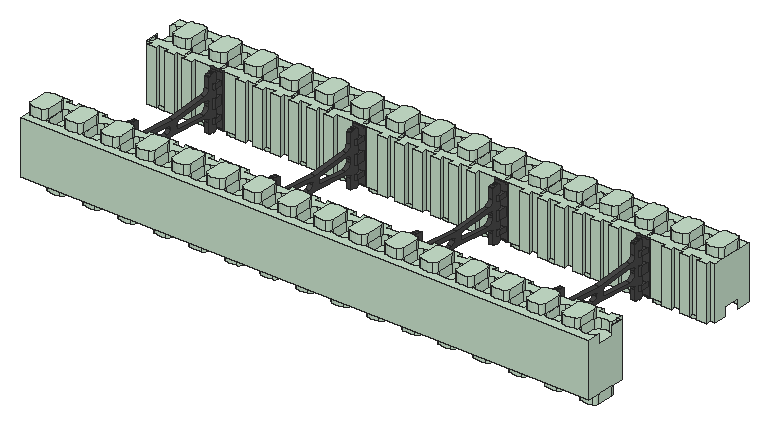
Revit family (continued)
Forms (mm)
  Extrusion 55, void
    sketch origin (558.8, 285.97, 0) x (-1, 0, 0) y (0, -1, 0)
      loop
        arc (21.004, 47.903) -> (14.709, 49.138) -> (8.3, 48.851) r 26.987
        arc (8.3, 48.851) -> (7.014, 49.207) -> (6.454, 50.418) r 1.587
        line (6.454, 50.418) -> (6.454, 56.046)
    from 0 to 12.7
  Extrusion 56, void
    sketch origin (508, 285.97, 0) x (-1, 0, 0) y (0, -1, 0)
      loop
        line (6.454, 56.046) -> (2.115, 56.046) -> (2.115, 47.255)
        arc (2.115, 47.255) -> (2.005, 46.676) -> (1.692, 46.177) r 1.588
        arc (1.692, 46.177) -> (0.438, 44.179) -> (0, 41.861) r 6.35
        line (0, 41.861) -> (0, 18.464)
        arc (0, 18.464) -> (1.215, 14.728) -> (4.396, 12.422) r 6.35
        arc (4.396, 12.422) -> (12.7, 11.112) -> (21.004, 12.422) r 26.987
        arc (21.004, 12.422) -> (24.185, 14.728) -> (25.4, 18.464) r 6.35
        line (25.4, 18.464) -> (25.4, 41.861)
        arc (25.4, 41.861) -> (24.185, 45.597) -> (21.004, 47.903) r 6.35
        arc (21.004, 47.903) -> (14.709, 49.138) -> (8.3, 48.851) r 26.987
        arc (8.3, 48.851) -> (7.014, 49.207) -> (6.454, 50.418) r 1.587
        line (6.454, 50.418) -> (6.454, 56.046)
    from 0 to 12.7
  Extrusion 57, void
    sketch origin (457.2, 285.97, 0) x (-1, 0, 0) y (0, -1, 0)
      loop
        line (6.454, 56.046) -> (2.115, 56.046) -> (2.115, 47.255)
        arc (2.115, 47.255) -> (2.005, 46.676) -> (1.692, 46.177) r 1.588
        arc (1.692, 46.177) -> (0.438, 44.179) -> (0, 41.861) r 6.35
        line (0, 41.861) -> (0, 18.464)
        arc (0, 18.464) -> (1.215, 14.728) -> (4.396, 12.422) r 6.35
        arc (4.396, 12.422) -> (12.7, 11.112) -> (21.004, 12.422) r 26.987
        arc (21.004, 12.422) -> (24.185, 14.728) -> (25.4, 18.464) r 6.35
        line (25.4, 18.464) -> (25.4, 41.861)
        arc (25.4, 41.861) -> (24.185, 45.597) -> (21.004, 47.903) r 6.35
        arc (21.004, 47.903) -> (14.709, 49.138) -> (8.3, 48.851) r 26.987
        arc (8.3, 48.851) -> (7.014, 49.207) -> (6.454, 50.418) r 1.587
        line (6.454, 50.418) -> (6.454, 56.046)
    from 0 to 12.7
  Extrusion 58, void
    sketch origin (406.4, 285.97, 0) x (-1, 0, 0) y (0, -1, 0)
      loop
        line (6.454, 56.046) -> (2.115, 56.046) -> (2.115, 47.255)
        arc (2.115, 47.255) -> (2.005, 46.676) -> (1.692, 46.177) r 1.588
        arc (1.692, 46.177) -> (0.438, 44.179) -> (0, 41.861) r 6.35
        line (0, 41.861) -> (0, 18.464)
        arc (0, 18.464) -> (1.215, 14.728) -> (4.396, 12.422) r 6.35
        arc (4.396, 12.422) -> (12.7, 11.112) -> (21.004, 12.422) r 26.987
        arc (21.004, 12.422) -> (24.185, 14.728) -> (25.4, 18.464) r 6.35
        line (25.4, 18.464) -> (25.4, 41.861)
        arc (25.4, 41.861) -> (24.185, 45.597) -> (21.004, 47.903) r 6.35
        arc (21.004, 47.903) -> (14.709, 49.138) -> (8.3, 48.851) r 26.987
        arc (8.3, 48.851) -> (7.014, 49.207) -> (6.454, 50.418) r 1.587
        line (6.454, 50.418) -> (6.454, 56.046)
    from 0 to 12.7
  Extrusion 59, void
    sketch origin (355.6, 285.97, 0) x (-1, 0, 0) y (0, -1, 0)
      loop
        line (6.454, 56.046) -> (2.115, 56.046) -> (2.115, 47.255)
        arc (2.115, 47.255) -> (2.005, 46.676) -> (1.692, 46.177) r 1.588
        arc (1.692, 46.177) -> (0.438, 44.179) -> (0, 41.861) r 6.35
        line (0, 41.861) -> (0, 18.464)
        arc (0, 18.464) -> (1.215, 14.728) -> (4.396, 12.422) r 6.35
        arc (4.396, 12.422) -> (12.7, 11.112) -> (21.004, 12.422) r 26.987
        arc (21.004, 12.422) -> (24.185, 14.728) -> (25.4, 18.464) r 6.35
        line (25.4, 18.464) -> (25.4, 41.861)
        arc (25.4, 41.861) -> (24.185, 45.597) -> (21.004, 47.903) r 6.35
        arc (21.004, 47.903) -> (14.709, 49.138) -> (8.3, 48.851) r 26.987
        arc (8.3, 48.851) -> (7.014, 49.207) -> (6.454, 50.418) r 1.587
        line (6.454, 50.418) -> (6.454, 56.046)
    from 0 to 12.7
  Extrusion 60, void
    sketch origin (304.8, 285.97, 0) x (-1, 0, 0) y (0, -1, 0)
      loop
        line (6.454, 56.046) -> (2.115, 56.046) -> (2.115, 47.255)
        arc (2.115, 47.255) -> (2.005, 46.676) -> (1.692, 46.177) r 1.588
        arc (1.692, 46.177) -> (0.438, 44.179) -> (0, 41.861) r 6.35
        line (0, 41.861) -> (0, 18.464)
        arc (0, 18.464) -> (1.215, 14.728) -> (4.396, 12.422) r 6.35
        arc (4.396, 12.422) -> (12.7, 11.112) -> (21.004, 12.422) r 26.987
        arc (21.004, 12.422) -> (24.185, 14.728) -> (25.4, 18.464) r 6.35
        line (25.4, 18.464) -> (25.4, 41.861)
        arc (25.4, 41.861) -> (24.185, 45.597) -> (21.004, 47.903) r 6.35
        arc (21.004, 47.903) -> (14.709, 49.138) -> (8.3, 48.851) r 26.987
        arc (8.3, 48.851) -> (7.014, 49.207) -> (6.454, 50.418) r 1.587
        line (6.454, 50.418) -> (6.454, 56.046)
    from 0 to 12.7
  Extrusion 61, void
    sketch origin (254, 285.97, 0) x (-1, 0, 0) y (0, -1, 0)
      loop
        line (6.454, 56.046) -> (2.115, 56.046) -> (2.115, 47.255)
        arc (2.115, 47.255) -> (2.005, 46.676) -> (1.692, 46.177) r 1.588
        arc (1.692, 46.177) -> (0.438, 44.179) -> (0, 41.861) r 6.35
        line (0, 41.861) -> (0, 18.464)
        arc (0, 18.464) -> (1.215, 14.728) -> (4.396, 12.422) r 6.35
        arc (4.396, 12.422) -> (12.7, 11.112) -> (21.004, 12.422) r 26.987
        arc (21.004, 12.422) -> (24.185, 14.728) -> (25.4, 18.464) r 6.35
        line (25.4, 18.464) -> (25.4, 41.861)
        arc (25.4, 41.861) -> (24.185, 45.597) -> (21.004, 47.903) r 6.35
        arc (21.004, 47.903) -> (14.709, 49.138) -> (8.3, 48.851) r 26.987
        arc (8.3, 48.851) -> (7.014, 49.207) -> (6.454, 50.418) r 1.587
        line (6.454, 50.418) -> (6.454, 56.046)
    from 0 to 12.7
  Extrusion 62, void
    sketch origin (203.2, 285.97, 0) x (-1, 0, 0) y (0, -1, 0)
      loop
        line (6.454, 56.046) -> (2.115, 56.046) -> (2.115, 47.255)
        arc (2.115, 47.255) -> (2.005, 46.676) -> (1.692, 46.177) r 1.588
        arc (1.692, 46.177) -> (0.438, 44.179) -> (0, 41.861) r 6.35
        line (0, 41.861) -> (0, 18.464)
        arc (0, 18.464) -> (1.215, 14.728) -> (4.396, 12.422) r 6.35
        arc (4.396, 12.422) -> (12.7, 11.112) -> (21.004, 12.422) r 26.987
        arc (21.004, 12.422) -> (24.185, 14.728) -> (25.4, 18.464) r 6.35
        line (25.4, 18.464) -> (25.4, 41.861)
        arc (25.4, 41.861) -> (24.185, 45.597) -> (21.004, 47.903) r 6.35
        arc (21.004, 47.903) -> (14.709, 49.138) -> (8.3, 48.851) r 26.987
        arc (8.3, 48.851) -> (7.014, 49.207) -> (6.454, 50.418) r 1.587
        line (6.454, 50.418) -> (6.454, 56.046)
    from 0 to 12.7
  Extrusion 63, void
    sketch origin (152.4, 285.97, 0) x (-1, 0, 0) y (0, -1, 0)
      loop
        line (6.454, 56.046) -> (2.115, 56.046) -> (2.115, 47.255)
        arc (2.115, 47.255) -> (2.005, 46.676) -> (1.692, 46.177) r 1.588
        arc (1.692, 46.177) -> (0.438, 44.179) -> (0, 41.861) r 6.35
        line (0, 41.861) -> (0, 18.464)
        arc (0, 18.464) -> (1.215, 14.728) -> (4.396, 12.422) r 6.35
        arc (4.396, 12.422) -> (12.7, 11.112) -> (21.004, 12.422) r 26.987
        arc (21.004, 12.422) -> (24.185, 14.728) -> (25.4, 18.464) r 6.35
        line (25.4, 18.464) -> (25.4, 41.861)
        arc (25.4, 41.861) -> (24.185, 45.597) -> (21.004, 47.903) r 6.35
        arc (21.004, 47.903) -> (14.709, 49.138) -> (8.3, 48.851) r 26.987
        arc (8.3, 48.851) -> (7.014, 49.207) -> (6.454, 50.418) r 1.587
        line (6.454, 50.418) -> (6.454, 56.046)
    from 0 to 12.7
  Extrusion 64, void
    sketch origin (101.6, 285.97, 0) x (-1, 0, 0) y (0, -1, 0)
      loop
        line (6.454, 56.046) -> (2.115, 56.046) -> (2.115, 47.255)
        arc (2.115, 47.255) -> (2.005, 46.676) -> (1.692, 46.177) r 1.588
        arc (1.692, 46.177) -> (0.438, 44.179) -> (0, 41.861) r 6.35
        line (0, 41.861) -> (0, 18.464)
        arc (0, 18.464) -> (1.215, 14.728) -> (4.396, 12.422) r 6.35
        arc (4.396, 12.422) -> (12.7, 11.112) -> (21.004, 12.422) r 26.987
        arc (21.004, 12.422) -> (24.185, 14.728) -> (25.4, 18.464) r 6.35
        line (25.4, 18.464) -> (25.4, 41.861)
        arc (25.4, 41.861) -> (24.185, 45.597) -> (21.004, 47.903) r 6.35
        arc (21.004, 47.903) -> (14.709, 49.138) -> (8.3, 48.851) r 26.987
        arc (8.3, 48.851) -> (7.014, 49.207) -> (6.454, 50.418) r 1.587
        line (6.454, 50.418) -> (6.454, 56.046)
    from 0 to 12.7
  Extrusion 65, void
    sketch origin (50.8, 285.97, 0) x (-1, 0, 0) y (0, -1, 0)
      loop
        line (6.454, 56.046) -> (2.115, 56.046) -> (2.115, 47.255)
        arc (2.115, 47.255) -> (2.005, 46.676) -> (1.692, 46.177) r 1.588
        arc (1.692, 46.177) -> (0.438, 44.179) -> (0, 41.861) r 6.35
        line (0, 41.861) -> (0, 18.464)
        arc (0, 18.464) -> (1.215, 14.728) -> (4.396, 12.422) r 6.35
        arc (4.396, 12.422) -> (12.7, 11.112) -> (21.004, 12.422) r 26.987
        arc (21.004, 12.422) -> (24.185, 14.728) -> (25.4, 18.464) r 6.35
        line (25.4, 18.464) -> (25.4, 41.861)
        arc (25.4, 41.861) -> (24.185, 45.597) -> (21.004, 47.903) r 6.35
        arc (21.004, 47.903) -> (14.709, 49.138) -> (8.3, 48.851) r 26.987
        arc (8.3, 48.851) -> (7.014, 49.207) -> (6.454, 50.418) r 1.587
        line (6.454, 50.418) -> (6.454, 56.046)
    from 0 to 12.7
Cuts and joins
  Extrusion 2, Extrusion 3, Extrusion 4, Extrusion 5, Extrusion 6, Extrusion 7, Extrusion 8, Extrusion 9, Extrusion 10, Extrusion 11, Extrusion 12, Extrusion 13, Extrusion 14, Extrusion 15, Extrusion 16, Extrusion 17, Extrusion 18, Extrusion 19, Extrusion 20, Extrusion 21, Extrusion 22, Extrusion 23, Extrusion 24, Extrusion 25, Extrusion 26, Extrusion 27, Extrusion 28, Extrusion 29, Extrusion 30, Extrusion 31, Extrusion 32, Extrusion 33, Extrusion 34, Extrusion 35, Extrusion 36, Extrusion 37, Extrusion 38, Extrusion 39, Extrusion 40, Extrusion 41, Extrusion 42, Extrusion 43, Extrusion 44, Extrusion 45, Extrusion 46, Extrusion 47, Extrusion 48, Extrusion 49, Extrusion 50, Extrusion 51, Extrusion 52, Extrusion 53, Extrusion 54, Extrusion 55, Extrusion 56, Extrusion 57, Extrusion 58, Extrusion 59, Extrusion 60, Extrusion 61, Extrusion 62, Extrusion 63, Extrusion 64, Extrusion 65 cuts Extrusion 1
Dimensions and locks
  aligned and locked: level to plane 2
Nested families
  nested 1: "Interlock Tooth" at (0, 143.095, -381), type "Interlock Tooth"
  nested 2: "Interlock Tooth" at (50.8, 143.095, -381), type "Interlock Tooth"
  nested 3: "Interlock Tooth" at (101.6, 143.095, -381), type "Interlock Tooth"
  nested 4: "Interlock Tooth" at (152.4, 143.095, -381), type "Interlock Tooth"
  nested 5: "Interlock Tooth" at (203.2, 143.095, -381), type "Interlock Tooth"
  nested 6: "Interlock Tooth" at (254, 143.095, -381), type "Interlock Tooth"
  nested 7: "Interlock Tooth" at (304.8, 143.095, -381), type "Interlock Tooth"
  nested 8: "Interlock Tooth" at (355.6, 143.095, -381), type "Interlock Tooth"
  nested 9: "Interlock Tooth" at (406.4, 143.095, -381), type "Interlock Tooth"
  nested 10: "Interlock Tooth" at (457.2, 143.095, -381), type "Interlock Tooth"
  nested 11: "Interlock Tooth" at (508, 143.095, -381), type "Interlock Tooth"
  nested 12: "Interlock Tooth" at (558.8, 143.095, -381), type "Interlock Tooth"
  nested 13: "Interlock Tooth" at (609.6, 143.095, -381), type "Interlock Tooth"
  nested 14: "Interlock Tooth" at (660.4, 143.095, -381), type "Interlock Tooth"
  nested 15: "Interlock Tooth" at (711.2, 143.095, -381), type "Interlock Tooth"
  nested 16: "Interlock Tooth" at (762, 143.095, -381), type "Interlock Tooth"
  nested 17: "Interlock Tooth" at (76.2, 143.095, -469.9), type "Interlock Tooth"
  nested 18: "Interlock Tooth" at (127, 143.095, -469.9), type "Interlock Tooth"
  nested 19: "Interlock Tooth" at (177.8, 143.095, -469.9), type "Interlock Tooth"
  nested 20: "Interlock Tooth" at (228.6, 143.095, -469.9), type "Interlock Tooth"
  nested 21: "Interlock Tooth" at (25.4, 143.095, -469.9), type "Interlock Tooth"
  nested 22: "Interlock Tooth" at (279.4, 143.095, -469.9), type "Interlock Tooth"
  nested 23: "Interlock Tooth" at (330.2, 143.095, -469.9), type "Interlock Tooth"
  nested 24: "Interlock Tooth" at (381, 143.095, -469.9), type "Interlock Tooth"
  nested 25: "Interlock Tooth" at (431.8, 143.095, -469.9), type "Interlock Tooth"
  nested 26: "Interlock Tooth" at (482.6, 143.095, -469.9), type "Interlock Tooth"
  nested 27: "Interlock Tooth" at (533.4, 143.095, -469.9), type "Interlock Tooth"
  nested 28: "Interlock Tooth" at (584.2, 143.095, -469.9), type "Interlock Tooth"
  nested 29: "Interlock Tooth" at (635, 143.095, -469.9), type "Interlock Tooth"
  nested 30: "Interlock Tooth" at (685.8, 143.095, -469.9), type "Interlock Tooth"
  nested 31: "Interlock Tooth" at (736.6, 143.095, -469.9), type "Interlock Tooth"
  nested 32: "Interlock Tooth" at (787.4, 143.095, -469.9), type "Interlock Tooth"
  nested 33: "NUDURA 6-inch Height Adjuster Web" at (101.6, 143.095, 0), type "NUDURA 6-inch Height Adjuster Web"
  nested 34: "NUDURA 6-inch Height Adjuster Web" at (304.8, 143.095, 0), type "NUDURA 6-inch Height Adjuster Web"
  nested 35: "NUDURA 6-inch Height Adjuster Web" at (508, 143.095, 0), type "NUDURA 6-inch Height Adjuster Web"
  nested 36: "NUDURA 6-inch Height Adjuster Web" at (711.2, 143.095, 0), type "NUDURA 6-inch Height Adjuster Web"
  nested 37: "Interlock Tooth" at (812.8, 143.095, -381) x (-1, 0, 0) z (0, 0, 1), type "Interlock Tooth"
  nested 38: "Interlock Tooth" at (762, 143.095, -381) x (-1, 0, 0) z (0, 0, 1), type "Interlock Tooth"
  nested 39: "Interlock Tooth" at (711.2, 143.095, -381) x (-1, 0, 0) z (0, 0, 1), type "Interlock Tooth"
  nested 40: "Interlock Tooth" at (660.4, 143.095, -381) x (-1, 0, 0) z (0, 0, 1), type "Interlock Tooth"
  nested 41: "Interlock Tooth" at (609.6, 143.095, -381) x (-1, 0, 0) z (0, 0, 1), type "Interlock Tooth"
  nested 42: "Interlock Tooth" at (558.8, 143.095, -381) x (-1, 0, 0) z (0, 0, 1), type "Interlock Tooth"
  nested 43: "Interlock Tooth" at (508, 143.095, -381) x (-1, 0, 0) z (0, 0, 1), type "Interlock Tooth"
  nested 44: "Interlock Tooth" at (457.2, 143.095, -381) x (-1, 0, 0) z (0, 0, 1), type "Interlock Tooth"
  nested 45: "Interlock Tooth" at (406.4, 143.095, -381) x (-1, 0, 0) z (0, 0, 1), type "Interlock Tooth"
  nested 46: "Interlock Tooth" at (355.6, 143.095, -381) x (-1, 0, 0) z (0, 0, 1), type "Interlock Tooth"
  nested 47: "Interlock Tooth" at (304.8, 143.095, -381) x (-1, 0, 0) z (0, 0, 1), type "Interlock Tooth"
  nested 48: "Interlock Tooth" at (254, 143.095, -381) x (-1, 0, 0) z (0, 0, 1), type "Interlock Tooth"
  nested 49: "Interlock Tooth" at (203.2, 143.095, -381) x (-1, 0, 0) z (0, 0, 1), type "Interlock Tooth"
  nested 50: "Interlock Tooth" at (152.4, 143.095, -381) x (-1, 0, 0) z (0, 0, 1), type "Interlock Tooth"
  nested 51: "Interlock Tooth" at (101.6, 143.095, -381) x (-1, 0, 0) z (0, 0, 1), type "Interlock Tooth"
  nested 52: "Interlock Tooth" at (50.8, 143.095, -381) x (-1, 0, 0) z (0, 0, 1), type "Interlock Tooth"
  nested 53: "Interlock Tooth" at (736.6, 143.095, -469.9) x (-1, 0, 0) z (0, 0, 1), type "Interlock Tooth"
  nested 54: "Interlock Tooth" at (685.8, 143.095, -469.9) x (-1, 0, 0) z (0, 0, 1), type "Interlock Tooth"
  nested 55: "Interlock Tooth" at (635, 143.095, -469.9) x (-1, 0, 0) z (0, 0, 1), type "Interlock Tooth"
  nested 56: "Interlock Tooth" at (584.2, 143.095, -469.9) x (-1, 0, 0) z (0, 0, 1), type "Interlock Tooth"
  nested 57: "Interlock Tooth" at (787.4, 143.095, -469.9) x (-1, 0, 0) z (0, 0, 1), type "Interlock Tooth"
  nested 58: "Interlock Tooth" at (533.4, 143.095, -469.9) x (-1, 0, 0) z (0, 0, 1), type "Interlock Tooth"
  nested 59: "Interlock Tooth" at (482.6, 143.095, -469.9) x (-1, 0, 0) z (0, 0, 1), type "Interlock Tooth"
  nested 60: "Interlock Tooth" at (431.8, 143.095, -469.9) x (-1, 0, 0) z (0, 0, 1), type "Interlock Tooth"
  nested 61: "Interlock Tooth" at (381, 143.095, -469.9) x (-1, 0, 0) z (0, 0, 1), type "Interlock Tooth"
  nested 62: "Interlock Tooth" at (330.2, 143.095, -469.9) x (-1, 0, 0) z (0, 0, 1), type "Interlock Tooth"
  nested 63: "Interlock Tooth" at (279.4, 143.095, -469.9) x (-1, 0, 0) z (0, 0, 1), type "Interlock Tooth"
  nested 64: "Interlock Tooth" at (228.6, 143.095, -469.9) x (-1, 0, 0) z (0, 0, 1), type "Interlock Tooth"
  nested 65: "Interlock Tooth" at (177.8, 143.095, -469.9) x (-1, 0, 0) z (0, 0, 1), type "Interlock Tooth"
  nested 66: "Interlock Tooth" at (127, 143.095, -469.9) x (-1, 0, 0) z (0, 0, 1), type "Interlock Tooth"
  nested 67: "Interlock Tooth" at (76.2, 143.095, -469.9) x (-1, 0, 0) z (0, 0, 1), type "Interlock Tooth"
  nested 68: "Interlock Tooth" at (25.4, 143.095, -469.9) x (-1, 0, 0) z (0, 0, 1), type "Interlock Tooth"
  nested 69: "NUDURA Height Adjuster Diamond Pattern" at (609.6, 428.845, 0), type "NUDURA Height Adjuster Diamond Pattern"
  nested 70: "NUDURA Height Adjuster Diamond Pattern" at (406.4, 428.845, 0), type "NUDURA Height Adjuster Diamond Pattern"
  nested 71: "NUDURA Height Adjuster Diamond Pattern" at (203.2, 428.845, 0), type "NUDURA Height Adjuster Diamond Pattern"
  nested 72: "NUDURA Height Adjuster Diamond Pattern" at (0, 428.845, 0), type "NUDURA Height Adjuster Diamond Pattern"
  nested 73: "NUDURA Height Adjuster Diamond Pattern" at (609.6, -142.655, 0), type "NUDURA Height Adjuster Diamond Pattern"
  nested 74: "NUDURA Height Adjuster Diamond Pattern" at (406.4, -142.655, 0), type "NUDURA Height Adjuster Diamond Pattern"
  nested 75: "NUDURA Height Adjuster Diamond Pattern" at (203.2, -142.655, 0), type "NUDURA Height Adjuster Diamond Pattern"
  nested 76: "NUDURA Height Adjuster Diamond Pattern" at (0, -142.655, 0), type "NUDURA Height Adjuster Diamond Pattern"
Definition of nested family "Interlock Tooth"
  Reference planes
    plane 1 "Center (Front/Back)": y = 0
    plane 2: z = 0
    plane 3 "Center (Left/Right)": x = 0
    plane 4: z = 457.2
    plane 5: z = 469.9
    plane 6: z = -12.7
  Forms (mm)
    Extrusion 1, solid, material "EPS- NUDURA- Foam Panel"
      sketch origin (0, -225.425, 0) x (1, 0, 0) y (0, 1, 0)
        loop
          arc (0, 101.014) -> (1.215, 97.278) -> (4.396, 94.972) r 6.35
          arc (4.396, 94.972) -> (12.7, 93.663) -> (21.004, 94.972) r 26.988
          arc (21.004, 94.972) -> (24.185, 97.278) -> (25.4, 101.014) r 6.35
          line (25.4, 101.014) -> (25.4, 124.411)
          arc (25.4, 124.411) -> (24.185, 128.147) -> (21.004, 130.453) r 6.35
          arc (21.004, 130.453) -> (12.7, 131.763) -> (4.396, 130.453) r 26.987
          arc (4.396, 130.453) -> (1.215, 128.147) -> (0, 124.411) r 6.35
          line (0, 124.411) -> (0, 101.014)
      from 457.2 to 469.9
  Dimensions and locks
    locked: plane 4 to level at 457.2
    locked: plane 4 to plane 5 at 12.7
    locked: plane 6 to level at 12.7
Definition of nested family "NUDURA 6-inch Height Adjuster Web"
  Reference planes
    plane 1 "Center (Front/Back)": y = 0
    plane 2: z = 0
    plane 3 "Center (Left/Right)": x = 0
    plane 4: z = 76.2
    plane 5: z = 12.7
    plane 6: z = 63.5
    plane 7: z = 57.15
    plane 8: z = 19.05
    plane 9: z = 31.75
    plane 10: z = 44.45
  Forms (mm)
    Extrusion 1, solid, material "High Density Polystyrene- NUDURA"
      sketch origin (0, 6.921, 0) x (0, 1, 0) y (0, 0, 1)
        loop
          line (75.629, 0) -> (75.629, 76.2)
          arc (75.629, 76.2) -> (74.895, 75.698) -> (74.612, 74.856) r 1.397
          line (74.612, 74.856) -> (74.612, 1.344)
          arc (74.612, 1.344) -> (74.895, 0.502) -> (75.629, 0) r 1.397
        loop
          arc (-89.471, 0) -> (-88.738, 0.502) -> (-88.455, 1.344) r 1.397
          line (-88.455, 1.344) -> (-88.455, 74.856)
          arc (-88.455, 74.856) -> (-88.738, 75.698) -> (-89.471, 76.2) r 1.397
          line (-89.471, 76.2) -> (-89.471, 0)
      from -9.227 to 9.227
    Extrusion 2, solid, material "High Density Polystyrene- NUDURA"
      sketch origin (0, 0.508, 0) x (0, 1, 0) y (0, 0, 1)
        loop
          arc (62.992, 59.895) -> (60.979, 54.735) -> (56.004, 52.301) r 7.62
          line (56.004, 52.301) -> (-0.508, 47.598) -> (-57.02, 52.301)
          arc (-57.02, 52.301) -> (-61.995, 54.735) -> (-64.008, 59.895) r 7.62
          line (-64.008, 59.895) -> (-64.008, 74.195) -> (-66.548, 74.195)
          arc (-66.548, 74.195) -> (-66.912, 75.074) -> (-67.791, 75.438) r 1.243
          line (-67.791, 75.438) -> (-71.628, 75.438) -> (-72.39, 76.2) -> (-74.676, 76.2) -> (-76.708, 74.168) -> (-76.708, 2.032) -> (-74.676, 0) -> (-72.39, 0) -> (-71.628, 0.762) -> (-67.791, 0.762)
          arc (-67.791, 0.762) -> (-66.912, 1.126) -> (-66.548, 2.005) r 1.243
          line (-66.548, 2.005) -> (-64.008, 2.005) -> (-64.008, 16.251)
          arc (-64.008, 16.251) -> (-61.995, 21.411) -> (-57.02, 23.845) r 7.62
          line (-57.02, 23.845) -> (-0.508, 28.548) -> (56.004, 23.845)
          arc (56.004, 23.845) -> (60.979, 21.411) -> (62.992, 16.251) r 7.62
          line (62.992, 16.251) -> (62.992, 2.005) -> (65.532, 2.005)
          arc (65.532, 2.005) -> (65.896, 1.126) -> (66.775, 0.762) r 1.243
          line (66.775, 0.762) -> (70.612, 0.762) -> (71.374, 0) -> (73.66, 0) -> (75.692, 2.032) -> (75.692, 74.168) -> (73.66, 76.2) -> (71.374, 76.2) -> (70.612, 75.438) -> (66.775, 75.438)
          arc (66.775, 75.438) -> (65.896, 75.074) -> (65.532, 74.195) r 1.243
          line (65.532, 74.195) -> (62.992, 74.195) -> (62.992, 59.895)
        loop
          arc (4.592, 38.073) -> (5.766, 34.354) -> (9.231, 32.563) r 5.08
          line (9.231, 32.563) -> (54.74, 28.776)
          arc (54.74, 28.776) -> (60.532, 30.762) -> (62.992, 36.37) r 7.62
          line (62.992, 36.37) -> (62.992, 39.776)
          arc (62.992, 39.776) -> (60.532, 45.383) -> (54.74, 47.37) r 7.62
          line (54.74, 47.37) -> (9.231, 43.582)
          arc (9.231, 43.582) -> (5.766, 41.792) -> (4.592, 38.073) r 5.08
        loop
          arc (-5.608, 38.073) -> (-6.782, 41.792) -> (-10.247, 43.582) r 5.08
          line (-10.247, 43.582) -> (-55.756, 47.37)
          arc (-55.756, 47.37) -> (-61.548, 45.383) -> (-64.008, 39.776) r 7.62
          line (-64.008, 39.776) -> (-64.008, 36.37)
          arc (-64.008, 36.37) -> (-61.548, 30.762) -> (-55.756, 28.776) r 7.62
          line (-55.756, 28.776) -> (-10.247, 32.563)
          arc (-10.247, 32.563) -> (-6.782, 34.354) -> (-5.608, 38.073) r 5.08
      from -3.175 to 3.175
    Extrusion 3, void
      sketch origin (0, 0, -2.205) x (-1, 0, 0) y (0, -1, 0)
        loop
          arc (-6.35, -70.929) -> (-5.736, -69.448) -> (-4.255, -68.834) r 2.095
          line (-4.255, -68.834) -> (-6.35, -68.834) -> (-6.35, -70.929)
      from 14.905 to 65.705
    Extrusion 4, void
      sketch origin (0, 0, 0) x (1, 0, 0) y (0, 1, 0)
        loop
          arc (-6.35, -70.929) -> (-5.736, -69.448) -> (-4.255, -68.834) r 2.095
          line (-4.255, -68.834) -> (-6.35, -68.834) -> (-6.35, -70.929)
      from 12.7 to 63.5
    Extrusion 5, void
      sketch origin (0, 0, 0) x (-1, 0, 0) y (0, -1, 0)
        loop
          line (-6.35, 70.929) -> (-6.35, 68.834) -> (-4.255, 68.834)
          arc (-4.255, 68.834) -> (-5.736, 69.448) -> (-6.35, 70.929) r 2.095
      from 12.7 to 63.5
    Extrusion 6, solid, material "High Density Polystyrene- NUDURA"
      sketch origin (0, 0, 0) x (0, 1, 0) y (0, 0, 1)
        loop
          line (81.534, 63.5) -> (68.834, 63.5) -> (68.834, 57.15) -> (81.534, 57.15) -> (81.534, 63.5)
        loop
          line (81.534, 44.45) -> (68.834, 44.45) -> (68.834, 31.75) -> (81.534, 31.75) -> (81.534, 44.45)
        loop
          line (81.534, 19.05) -> (68.834, 19.05) -> (68.834, 12.7) -> (81.534, 12.7) -> (81.534, 19.05)
        loop
          line (-81.534, 63.5) -> (-81.534, 57.15) -> (-68.834, 57.15) -> (-68.834, 63.5) -> (-81.534, 63.5)
        loop
          line (-81.534, 44.45) -> (-81.534, 31.75) -> (-68.834, 31.75) -> (-68.834, 44.45) -> (-81.534, 44.45)
        loop
          line (-81.534, 19.05) -> (-81.534, 12.7) -> (-68.834, 12.7) -> (-68.834, 19.05) -> (-81.534, 19.05)
      from -6.35 to 6.35
  Cuts and joins
    Extrusion 3, Extrusion 4, Extrusion 5 cuts Extrusion 6
Definition of nested family "NUDURA Height Adjuster Diamond Pattern"
  Reference planes
    plane 1 "Center (Front/Back)": y = 0
    plane 2: z = 0
    plane 3 "Center (Left/Right)": x = 0
    plane 4: z = 76.2
  Lines and regions (mm)
    model lines
      curve 1: line (203.2, -142.875, 76.2) -> (203.2, -142.875, 0)
      curve 2: line (152.4, -142.875, 76.2) -> (152.4, -142.875, 0)
      curve 3: line (50.8, -142.875, 76.2) -> (50.8, -142.875, 0)
      curve 4: line (117.704, -142.875, 63.885) -> (108.981, -142.875, 72.608)
      curve 5: arc (117.704, -142.875, 50.415) -> (120.494, -142.875, 57.15) -> (117.704, -142.875, 63.885) r 9.525
      curve 6: line (108.981, -142.875, 41.692) -> (117.704, -142.875, 50.415)
      curve 7: line (85.183, -142.875, 50.415) -> (93.906, -142.875, 41.692)
      curve 8: arc (85.183, -142.875, 63.885) -> (82.394, -142.875, 57.15) -> (85.183, -142.875, 50.415) r 9.525
      curve 9: line (93.906, -142.875, 72.608) -> (85.183, -142.875, 63.885)
      curve 10: arc (105.934, -142.875, 71.165) -> (101.444, -142.875, 73.025) -> (96.953, -142.875, 71.165) r 6.35
      curve 11: line (96.953, -142.875, 71.165) -> (87.428, -142.875, 61.64)
      curve 12: arc (87.428, -142.875, 61.64) -> (85.569, -142.875, 57.15) -> (87.428, -142.875, 52.66) r 6.35
      curve 13: line (87.428, -142.875, 52.66) -> (96.953, -142.875, 43.135)
      curve 14: arc (96.953, -142.875, 43.135) -> (101.444, -142.875, 41.275) -> (105.934, -142.875, 43.135) r 6.35
      curve 15: line (105.934, -142.875, 43.135) -> (115.459, -142.875, 52.66)
      curve 16: arc (115.459, -142.875, 52.66) -> (117.319, -142.875, 57.15) -> (115.459, -142.875, 61.64) r 6.35
      curve 17: line (115.459, -142.875, 61.64) -> (105.934, -142.875, 71.165)
      curve 18: arc (93.906, -142.875, 34.508) -> (95.394, -142.875, 38.1) -> (93.906, -142.875, 41.692) r 5.08
      curve 19: line (93.906, -142.875, 34.508) -> (85.183, -142.875, 25.785)
      curve 20: arc (85.183, -142.875, 25.785) -> (82.394, -142.875, 19.05) -> (85.183, -142.875, 12.315) r 9.525
      curve 21: line (85.183, -142.875, 12.315) -> (94.708, -142.875, 2.79)
      curve 22: arc (94.708, -142.875, 2.79) -> (101.444, -142.875, 0) -> (108.179, -142.875, 2.79) r 9.525
      curve 23: line (108.179, -142.875, 2.79) -> (117.704, -142.875, 12.315)
      curve 24: arc (117.704, -142.875, 12.315) -> (120.494, -142.875, 19.05) -> (117.704, -142.875, 25.785) r 9.525
      curve 25: line (117.704, -142.875, 25.785) -> (108.981, -142.875, 34.508)
      curve 26: arc (108.981, -142.875, 41.692) -> (107.493, -142.875, 38.1) -> (108.981, -142.875, 34.508) r 5.08
      curve 27: arc (105.934, -142.875, 33.065) -> (101.444, -142.875, 34.925) -> (96.953, -142.875, 33.065) r 6.35
      curve 28: line (115.459, -142.875, 23.54) -> (105.934, -142.875, 33.065)
      curve 29: arc (115.459, -142.875, 14.56) -> (117.319, -142.875, 19.05) -> (115.459, -142.875, 23.54) r 6.35
      curve 30: line (105.934, -142.875, 5.035) -> (115.459, -142.875, 14.56)
      curve 31: arc (96.953, -142.875, 5.035) -> (101.444, -142.875, 3.175) -> (105.934, -142.875, 5.035) r 6.35
      curve 32: line (87.428, -142.875, 14.56) -> (96.953, -142.875, 5.035)
      curve 33: arc (87.428, -142.875, 23.54) -> (85.569, -142.875, 19.05) -> (87.428, -142.875, 14.56) r 6.35
      curve 34: line (96.953, -142.875, 33.065) -> (87.428, -142.875, 23.54)
      curve 35: arc (108.179, -142.875, 73.41) -> (101.444, -142.875, 76.2) -> (94.708, -142.875, 73.41) r 9.525
